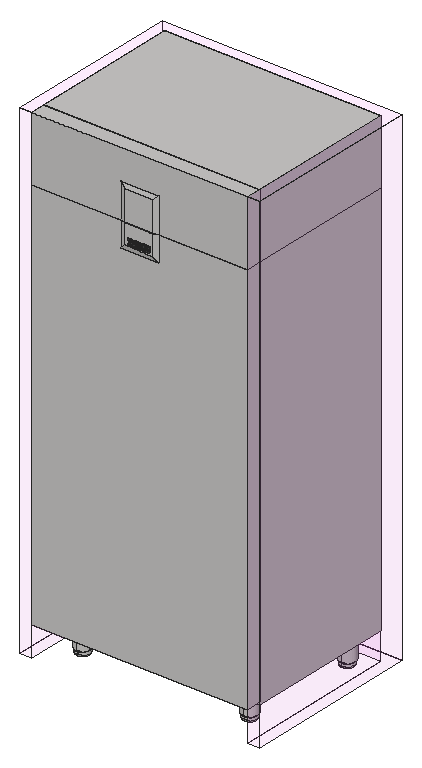
Revit family "QF_ZANUSSI_110902_ZICF61FHC", category Specialty Equipment, Revit 2018
Family settings
  Round Connector Dimension = Use Diameter
  Part Type = Normal
  Work Plane-Based = No
  Always vertical = Yes
  Cut with Voids When Loaded = No
  Shared = No
  Room Calculation Point = No
Parameters
  Weight = 26.747 lbm
  Watts = 227.612 W
  Volts = 380 V
  URL Manufacturer = "http://professional.electrolux.com/"
  URL = "http://professional.electrolux.com/"
  Steam Supply Size = 0"
  Steam Supply Minimum Pressure = 0.00 psi
  Steam Supply Maximum Pressure = 0.00 psi
  Steam Pounds per Hour = 0
  Show Clearance [instance] = yes
  Refrigeration Suction Line Size = 0"
  Refrigeration Liquid Line Size = 0"
  Refrigerant Compressor Remote = yes
  Phase = 0
  Model = "RBC201"
  Manufacturer = "Electrolux"
  Length Actual = 900 mm  # constant formula
  Item Number = "726624"
  Hot Water Size = 0"
  Height Actual = 2040 mm  # constant formula
  HP = "3,3 HP"
  Gas Size = 0"
  Gas KW = 0
  Gas Input Pressure = 0.0 Btu/h
  Description = "BLAST CHILLER 56 KG 20 GN1/1"
  Depth Actual = 700 mm  # constant formula
  Cycle = 50 Hz
  Condensate Return Size = 0"
  Compressed Air Volume = 0 GPM
  Compressed Air Size = 0"
  Compressed Air Pressure = 0.00 psi
  Cold Water Size = 0"
  Accessory = yes
Types (2, lengths in mm): name | Watts | Volts | URL Manufacturer | URL | Phase | Model | Manufacturer | Item Number | HP | Description
  (no name) | 227.612 W | 380 V | "http://professional.electrolux.com/" | "http://professional.electrolux.com/" | 0 | "RBC201" | "Electrolux" | "726624" | "3,3 HP" | "BLAST CHILLER 56 KG 20 GN1/1"
  Standard | 41.8064 W | 220 V | "http://www.zanussiprofessional.com" | "http://www.zanussiprofessional.com" | 1 | "ZICF61FHC" | "Zanussi" | "110902" | "0.6 HP" | "1-DOOR ICE CREAM PRESERVER 720L -28/-12°"
Reference planes
  plane 1 "BACK": y = 0
  plane 2: z = 0
  plane 3 "LEFT": x = 0
  plane 4 "RIGHT": x = 900
  plane 5 "FRONT": y = -700
  plane 6 "TOP": z = 2040
  plane 7 "Center Y": x = 450
  plane 8 "Center X": y = -350
  plane 9: x = 102
  plane 10: x = 798
  plane 11: z = 115
  plane 12: z = 86
  plane 13: y = -80
  plane 14: y = -694
  plane 15: y = -1527
  plane 16: y = -630
  plane 17: z = 1770
  plane 18: x = -50
  plane 19: y = 50
  plane 20: x = 950
Forms (mm)
  Extrusion 1, solid, material "QF_Metal - Stainless - Polished"
    sketch origin (0, 0, 0) x (1, 0, 0) y (0, 0, 1)
      loop
        line (0, 2040) -> (0, 1770) -> (900, 1770) -> (900, 2040) -> (0, 2040)
    from 0 to 630
  Extrusion 2, solid, material "QF_Metal - Stainless - Polished"
    sketch origin (0, 0, 0) x (1, 0, 0) y (0, 0, 1)
      loop
        line (0, 1770) -> (0, 115) -> (900, 115) -> (900, 1770) -> (0, 1770)
    from 0 to 630
  Extrusion 3, solid, material "QF_Metal - Stainless - Polished"
    sketch origin (-370, 0, -128) x (1, 0, 0) y (0, 0, 1)
      loop
        circle (450, 1847.083) r 20
    from -7.507 to 0
  Extrusion 4, solid, material "QF_Door-Drawer Clearances", visible <- "Show Clearance", detail levels coarse
    sketch origin (0, 0, 0) x (1, 0, 0) y (0, 1, 0)
      loop
        line (900, -694) -> (0, -694)
        arc (0, -694) -> (275.209, -1299.35) -> (900, -1527) r 859.201
        line (900, -1527) -> (900, -694)
    from 127.536 to 1770
  Extrusion 5, solid, material "QF_Metal - Stainless - Polished"
    sketch origin (0, 130.478, 0) x (1, 0, 0) y (0, 0, 1)
      loop
        line (0, 2040) -> (0, 1770) -> (900, 1770) -> (900, 2040) -> (0, 2040)
    from 760.478 to 824.478
  Extrusion 6, solid, material "QF_Metal - Stainless - Polished"
    sketch origin (0, 140, 0) x (1, 0, 0) y (0, 0, 1)
      loop
        line (0, 1770) -> (0, 127.536) -> (900, 127.536) -> (900, 1770) -> (0, 1770)
    from 834 to 770
  Revolve 7, solid, material "QF_Metal - Stainless - Polished"
    sketch origin (798, -2.833, 0) x (0, 1, 0) y (0, 0, -1)
      loop
        line (-590.954, -115) -> (-553.167, -115) -> (-553.167, 0) -> (-578.757, 0)
        arc (-578.757, 0) -> (-580.973, -2.655) -> (-581.767, -6.021) r 7.527
        line (-581.767, -6.021) -> (-581.767, -17.561) -> (-585.28, -21.074) -> (-585.28, -110.008) -> (-590.954, -110.008) -> (-590.954, -115)
      axis (-553.167, 0) -> (-553.167, -115)
    angle from 0 to 360
  Revolve 8, solid, material "QF_Metal - Stainless - Polished"
    sketch origin (102, -2.833, 0) x (0, 1, 0) y (0, 0, 1)
      loop
        line (-590.954, 115) -> (-590.954, 110.008) -> (-585.28, 110.008) -> (-585.28, 21.074) -> (-581.767, 17.561) -> (-581.767, 6.021)
        arc (-581.767, 6.021) -> (-580.973, 2.655) -> (-578.757, 0) r 7.527
        line (-578.757, 0) -> (-553.167, 0) -> (-553.167, 115) -> (-590.954, 115)
      axis (-553.167, 0) -> (-553.167, 115)
    angle from 0 to 360
  Revolve 9, solid, material "QF_Metal - Stainless - Polished"
    sketch origin (824, -759.167, 0) x (0, -1, 0) y (0, 0, 1)
      loop
        line (-716.954, 115) -> (-716.954, 110.008) -> (-711.28, 110.008) -> (-711.28, 21.074) -> (-707.767, 17.561) -> (-707.767, 6.021)
        arc (-707.767, 6.021) -> (-706.973, 2.655) -> (-704.757, 0) r 7.527
        line (-704.757, 0) -> (-679.167, 0) -> (-679.167, 115) -> (-716.954, 115)
      axis (-679.167, 0) -> (-679.167, 115)
    angle from 0 to 360
  Revolve 10, solid, material "QF_Metal - Stainless - Polished"
    sketch origin (76, -759.167, 0) x (0, -1, 0) y (0, 0, 1)
      loop
        line (-716.954, 115) -> (-716.954, 110.008) -> (-711.28, 110.008) -> (-711.28, 21.074) -> (-707.767, 17.561) -> (-707.767, 6.021)
        arc (-707.767, 6.021) -> (-706.973, 2.655) -> (-704.757, 0) r 7.527
        line (-704.757, 0) -> (-679.167, 0) -> (-679.167, 115) -> (-716.954, 115)
      axis (-679.167, 0) -> (-679.167, 115)
    angle from 0 to 360
  Blend 11, solid, material "QF_Metal - Stainless - Polished"
    base sketch origin (0, -694, 0) x (1, 0, 0) y (0, 0, 1)
      loop
        line (370, 1914.822) -> (370, 1664.822) -> (530, 1664.822) -> (530, 1914.822) -> (370, 1914.822)
    top sketch origin (0, -694, 0) x (1, 0, 0) y (0, 0, 1)
      loop
        line (510, 1894.822) -> (390, 1894.822) -> (390, 1684.822) -> (510, 1684.822) -> (510, 1894.822)
    from 0 to 6
  Extrusion 12, void
    sketch origin (0, -700, 0) x (-1, 0, 0) y (0, 0, 1)
      loop
        line (-370, 1770.997) -> (-530, 1770.997) -> (-530, 1769.003) -> (-370, 1769.003) -> (-370, 1770.997)
    from 0 to 6
  Extrusion 13, solid, material "QF_Door-Drawer Clearances"
    sketch origin (0, 0, 0) x (1, 0, 0) y (0, 1, 0)
      loop
        line (0, -694) -> (0, 0) -> (900, 0) -> (900, -694) -> (950, -694) -> (950, 50) -> (-50, 50) -> (-50, -694) -> (0, -694)
    from 0 to 2040
Cuts and joins
  Extrusion 12 cuts Extrusion 1
  Extrusion 12 cuts Extrusion 2
  Extrusion 12 cuts Extrusion 5
  Extrusion 12 cuts Extrusion 6
  Extrusion 12 cuts Blend 11
Lines and regions (mm)
  Split face 1
    outline origin (0, -700, 0) x (1, 0, 0) y (0, 0, 1)
      loop
        line (415, 1894.822) -> (415, 1742.499) -> (485, 1742.499) -> (485, 1894.822)
  symbolic lines
    curve 1: line (0, 0, 0) -> (900, 0, 0)
    curve 2: line (0, -694, 0) -> (0, 0, 0)
    curve 3: line (900, -694, 0) -> (0, -694, 0)
    curve 4: line (900, 0, 0) -> (900, -694, 0)
    curve 5: line (0, -630, 0) -> (900, -630, 0)
    curve 6: line (370, -694, 0) -> (390, -700, 0)
    curve 7: line (390, -700, 0) -> (510, -700, 0)
    curve 8: line (510, -700, 0) -> (530, -694, 0)
  symbolic lines, style "QF_Door-Drawer Clearances"
    curve 9: arc (0, -694, 0) -> (275.209, -1299.35, 0) -> (900, -1527, 0) r 859.201
    curve 10: line (900, -1527, 0) -> (900, -694, 0)
    curve 11: line (0, -694, 0) -> (-50, -694, 0)
    curve 12: line (-50, -694, 0) -> (-50, 50, 0)
    curve 13: line (-50, 50, 0) -> (950, 50, 0)
    curve 14: line (950, 50, 0) -> (950, -694, 0)
    curve 15: line (950, -694, 0) -> (900, -694, 0)
Dimensions and locks
  equal spacing: plane 3 "LEFT", plane 7 "Center Y", plane 4 "RIGHT"
  plane 3 "LEFT" to plane 4 "RIGHT" = 900 mm
  equal spacing: plane 5 "FRONT", plane 8 "Center X", plane 1 "BACK"
  plane 5 "FRONT" to plane 1 "BACK" = 700 mm
  plane 6 "TOP" to level = 2040 mm
  plane 9 to plane 3 "LEFT" = 102 mm
  plane 10 to plane 4 "RIGHT" = 102 mm
  plane 10 to plane 9 = 696 mm
  plane 11 to level = 115 mm
  plane 12 to plane 11 = 29 mm
  plane 1 "BACK" to plane 13 = 80 mm
  plane 15 to plane 1 "BACK" = 1527 mm
  plane 3 "LEFT" to Extrusion 4 = 900 mm
  plane 11 to plane 2 = 115 mm
  plane 1 "BACK" to plane 16 = 630 mm
  plane 18 to plane 3 "LEFT" = 50 mm
  plane 4 "RIGHT" to plane 20 = 50 mm
  plane 1 "BACK" to plane 19 = 50 mm
  aligned and locked: level to plane 2
  aligned and locked: Extrusion 5 to plane 4 "RIGHT"
  aligned and locked: Extrusion 5 to plane 3 "LEFT"
  aligned and locked: plane 5 "FRONT" to Blend 11
Automatic sketch dimensions
  Extrusion 1 sketch curve to plane 3 "LEFT" = 0 mm
  plane 4 "RIGHT" to Extrusion 1 sketch curve = 0 mm
  Extrusion 1 sketch curve to plane 17 = 0 mm
  Extrusion 1 sketch curve to plane 6 "TOP" = 0 mm
  Extrusion 2 sketch curve to plane 3 "LEFT" = 0 mm
  plane 4 "RIGHT" to Extrusion 2 sketch curve = 0 mm
  Extrusion 2 sketch curve to plane 11 = 0 mm
  Extrusion 2 sketch curve to plane 17 = 0 mm
  Extrusion 3 sketch curve to plane 9 = 22 mm
  Extrusion 3 sketch curve to plane 17 = 50.917 mm
  Extrusion 4 sketch curve to plane 3 "LEFT" = 0 mm
  Extrusion 4 sketch curve to plane 4 "RIGHT" = 0 mm
  Extrusion 4 sketch curve to plane 15 = 0 mm
  plane 14 to Extrusion 4 sketch curve = 0 mm
  Extrusion 4 sketch curve to plane 14 = 25.214 mm
  Extrusion 5 sketch curve to plane 3 "LEFT" = 0 mm
  plane 4 "RIGHT" to Extrusion 5 sketch curve = 0 mm
  Extrusion 5 sketch curve to plane 17 = 0 mm
  Extrusion 5 sketch curve to plane 6 "TOP" = 0 mm
  Extrusion 6 sketch curve to plane 3 "LEFT" = 0 mm
  plane 4 "RIGHT" to Extrusion 6 sketch curve = 0 mm
  Extrusion 6 sketch curve to plane 17 = 0 mm
  plane 11 to Extrusion 6 sketch curve = 12.536 mm
  plane 11 to Revolve 7 sketch curve = 0 mm
  Revolve 7 sketch curve to level = 0 mm
  plane 16 to Revolve 7 sketch curve = 36.213 mm
  Revolve 7 sketch curve to Revolve 7 sketch curve = 5.674 mm
  Revolve 7 sketch curve to Revolve 7 sketch curve = 3.513 mm  (x2)
  Revolve 7 sketch curve to Revolve 7 sketch curve = 3.01 mm
  level to Revolve 7 sketch curve = 6.021 mm
  Revolve 7 sketch curve to Revolve 7 sketch curve = 21.073 mm
  Revolve 7 sketch curve to plane 11 = 4.992 mm  (x2)
  Revolve 7 sketch curve to Revolve 7 sketch curve = 15.053 mm
  Revolve 7 sketch curve to Revolve 7 sketch curve = 0 mm
  Revolve 7 sketch curve to Revolve 7 sketch curve = 20.008 mm
  Revolve 8 sketch curve to plane 11 = 0 mm
  Revolve 8 sketch curve to level = 0 mm
  plane 16 to Revolve 8 sketch curve = 36.213 mm
  Revolve 8 sketch curve to Revolve 8 sketch curve = 5.674 mm
  Revolve 8 sketch curve to Revolve 8 sketch curve = 3.513 mm  (x2)
  Revolve 8 sketch curve to Revolve 8 sketch curve = 3.01 mm
  level to Revolve 8 sketch curve = 6.021 mm
  Revolve 8 sketch curve to Revolve 8 sketch curve = 21.073 mm
  Revolve 8 sketch curve to Revolve 8 sketch curve = 11.54 mm
  Revolve 8 sketch curve to plane 11 = 4.992 mm
  Revolve 8 sketch curve to Revolve 8 sketch curve = 0 mm
  Revolve 8 sketch curve to Revolve 8 sketch curve = 4.992 mm
  plane 11 to Revolve 8 sketch curve = 20.008 mm
  Revolve 9 sketch curve to plane 11 = 0 mm
  Revolve 9 sketch curve to level = 0 mm
  Revolve 9 sketch curve to plane 13 = 0 mm  (x2)
  level to Revolve 9 sketch curve = 6.021 mm
  Revolve 9 sketch curve to plane 13 = 21.073 mm
  Revolve 9 sketch curve to Revolve 9 sketch curve = 4.517 mm
  Revolve 9 sketch curve to Revolve 9 sketch curve = 3.513 mm  (x2)
  Revolve 9 sketch curve to Revolve 9 sketch curve = 5.674 mm
  Revolve 9 sketch curve to Revolve 9 sketch curve = 11.54 mm
  Revolve 9 sketch curve to plane 11 = 4.992 mm
  Revolve 9 sketch curve to Revolve 9 sketch curve = 4.992 mm
  plane 11 to Revolve 9 sketch curve = 20.008 mm
  Revolve 10 sketch curve to plane 11 = 0 mm
  Revolve 10 sketch curve to level = 0 mm
  Revolve 10 sketch curve to plane 13 = 0 mm  (x2)
  Revolve 10 sketch curve to level = 6.021 mm
  plane 13 to Revolve 10 sketch curve = 21.073 mm
  Revolve 10 sketch curve to Revolve 10 sketch curve = 4.517 mm
  Revolve 10 sketch curve to Revolve 10 sketch curve = 3.513 mm  (x2)
  Revolve 10 sketch curve to Revolve 10 sketch curve = 5.674 mm
  Revolve 10 sketch curve to Revolve 10 sketch curve = 11.54 mm
  plane 11 to Revolve 10 sketch curve = 4.992 mm  (x2)
  Revolve 10 sketch curve to Revolve 10 sketch curve = 20.008 mm
  Blend 11 sketch curve to Extrusion 6 = 105.178 mm
  Blend 11 sketch curve to Extrusion 6 = 370 mm
  Blend 11 sketch curve to Blend 11 sketch curve = 160 mm
  Extrusion 6 to Blend 11 sketch curve = 144.822 mm
  Extrusion 6 to Blend 11 sketch curve = 124.822 mm
  Blend 11 sketch curve to Extrusion 6 = 390 mm
  Blend 11 sketch curve to Blend 11 sketch curve = 120 mm
  Blend 11 sketch curve to Extrusion 6 = 85.178 mm
  Split face 1 sketch curve to Blend 11 = 0 mm  (x2)
  Split face 1 sketch curve to Blend 11 = 25 mm  (x2)
  Split face 1 sketch curve to Blend 11 = 57.677 mm
  Extrusion 12 sketch curve to Blend 11 = 20 mm  (x2)
  Blend 11 to Extrusion 12 sketch curve = 84.181 mm
  Extrusion 12 sketch curve to Extrusion 12 sketch curve = 1.995 mm
  Extrusion 13 sketch curve to plane 18 = 0 mm
  plane 1 "BACK" to Extrusion 13 sketch curve = 0 mm
  Extrusion 13 sketch curve to plane 3 "LEFT" = 0 mm
  Extrusion 13 sketch curve to plane 4 "RIGHT" = 0 mm
  Extrusion 13 sketch curve to plane 19 = 0 mm
  Extrusion 13 sketch curve to plane 20 = 0 mm
  plane 14 to Extrusion 13 sketch curve = 0 mm  (x2)
  curve 13 to plane 18 = 0 mm
  curve 3 to plane 3 "LEFT" = 0 mm
  plane 5 "FRONT" to curve 7 = 0 mm
  curve 9 to plane 4 "RIGHT" = 0 mm
  curve 15 to plane 4 "RIGHT" = 0 mm
  plane 14 to curve 14 = 0 mm
  curve 14 to plane 20 = 0 mm
  curve 10 to plane 15 = 0 mm
  curve 5 to plane 16 = 0 mm
  plane 1 "BACK" to curve 4 = 0 mm
  curve 13 to plane 19 = 0 mm
  curve 7 to plane 7 "Center Y" = 60 mm
  plane 7 "Center Y" to curve 8 = 60 mm
  curve 9 to plane 14 = 25.214 mm
  curve 6 to curve 6 = 20 mm
  curve 7 to curve 8 = 20 mm
  radius of Extrusion 3 sketch curve = 20 mm
Nested families
  nested 1: "ZAN_Logo_S" at (450.625, -700, 1704.375) x (1, 0, 0) z (0, -1, 0), type "ZAN_Logo_S"
Connectors
  electrical at (80, 7.507, 1719.083), driven by "Volts"
    settings: on Extrusion 3, index 2, voltage 380 V, apparent load 0 VA, apparent load phase1 0 VA, apparent load phase2 0 VA, apparent load phase3 0 VA, power factor 1, load classification "Other", number of poles 1, system type 30, power factor state 1, is connector primary yes, connector utility no, sub classification motor no, connector description "Electrical Connection"
Definition of nested family "ZAN_Logo_S"
  Parameters (values of type "ZAN_Logo_S")
    Default Elevation = 0 mm
  Reference planes
    plane 1 "Centro (Fronte/Retro)": y = 0
    plane 2: z = 0
    plane 3 "Centro (Sinistra/Destra)": x = 0
    plane 4: x = 60.13
  Forms (mm)
    Extrusion 1, solid
      sketch origin (0, 0, 0) x (1, 0, 0) y (0, 1, 0)
        loop
          line (-1219.2, 1219.2) -> (-1219.2, -1219.2) -> (1219.2, -1219.2) -> (1219.2, 1219.2) -> (-1219.2, 1219.2)
      from 0 to -304.8
    Extrusion 2, solid
      sketch origin (17.793, -46.218, 0) x (-1, 0, 0) y (0, -1, 0)
        loop
          spline (-4.176, -58.079) -> (-3.496, -58.328) -> (-2.793, -58.512) -> (-2.075, -58.63) -> (-1.348, -58.682) -> (-0.619, -58.669) -> (0.106, -58.588) -> (0.818, -58.44) -> (1.512, -58.225) -> (2.18, -57.941) -> (2.817, -57.589) -> (3.414, -57.167) -> (3.966, -56.676)
          spline (3.966, -56.676) -> (4.293, -56.162) -> (4.575, -55.61) -> (4.81, -55.026) -> (5, -54.419) -> (5.146, -53.797) -> (5.247, -53.166) -> (5.304, -52.536) -> (5.318, -51.913) -> (5.288, -51.306) -> (5.217, -50.723) -> (5.103, -50.17) -> (4.949, -49.657)
          line (4.949, -49.657) -> (2.702, -46.428) -> (0.316, -44.323)
          spline (0.316, -44.323) -> (0.065, -44.115) -> (-0.195, -43.909) -> (-0.46, -43.704) -> (-0.729, -43.496) -> (-0.997, -43.282) -> (-1.263, -43.059) -> (-1.523, -42.825) -> (-1.774, -42.576) -> (-2.013, -42.309) -> (-2.238, -42.022) -> (-2.445, -41.712) -> (-2.632, -41.375)
          spline (-2.632, -41.375) -> (-2.666, -41.159) -> (-2.697, -40.934) -> (-2.722, -40.701) -> (-2.736, -40.465) -> (-2.736, -40.227) -> (-2.72, -39.989) -> (-2.682, -39.754) -> (-2.621, -39.524) -> (-2.533, -39.302) -> (-2.414, -39.091) -> (-2.261, -38.892) -> (-2.07, -38.708)
          line (-2.07, -38.708) -> (-0.245, -38.567)
          spline (-0.245, -38.567) -> (0.096, -38.8) -> (0.354, -39.074) -> (0.54, -39.381) -> (0.664, -39.716) -> (0.738, -40.073) -> (0.772, -40.445) -> (0.777, -40.825) -> (0.763, -41.208) -> (0.742, -41.588) -> (0.723, -41.957) -> (0.718, -42.309) -> (0.737, -42.638)
          line (0.737, -42.638) -> (5.65, -42.638)
          spline (5.65, -42.638) -> (5.708, -42.042) -> (5.741, -41.448) -> (5.747, -40.857) -> (5.723, -40.273) -> (5.668, -39.696) -> (5.58, -39.129) -> (5.457, -38.574) -> (5.297, -38.032) -> (5.098, -37.506) -> (4.857, -36.997) -> (4.574, -36.508) -> (4.247, -36.041)
          spline (4.247, -36.041) -> (3.844, -35.675) -> (3.409, -35.35) -> (2.946, -35.065) -> (2.458, -34.819) -> (1.949, -34.612) -> (1.421, -34.444) -> (0.88, -34.314) -> (0.326, -34.221) -> (-0.234, -34.165) -> (-0.8, -34.146) -> (-1.366, -34.163) -> (-1.93, -34.216)
          spline (-1.93, -34.216) -> (-2.526, -34.309) -> (-3.116, -34.448) -> (-3.695, -34.633) -> (-4.259, -34.861) -> (-4.801, -35.131) -> (-5.316, -35.444) -> (-5.799, -35.798) -> (-6.245, -36.191) -> (-6.648, -36.624) -> (-7.002, -37.095) -> (-7.303, -37.603) -> (-7.545, -38.146)
          spline (-7.545, -38.146) -> (-7.694, -38.815) -> (-7.792, -39.487) -> (-7.839, -40.158) -> (-7.836, -40.824) -> (-7.785, -41.482) -> (-7.685, -42.129) -> (-7.539, -42.762) -> (-7.347, -43.377) -> (-7.111, -43.97) -> (-6.83, -44.538) -> (-6.506, -45.078) -> (-6.141, -45.586)
          line (-6.141, -45.586) -> (-0.526, -50.64) -> (0.176, -51.482)
          spline (0.176, -51.482) -> (0.248, -51.66) -> (0.323, -51.843) -> (0.397, -52.03) -> (0.467, -52.22) -> (0.529, -52.412) -> (0.579, -52.605) -> (0.615, -52.798) -> (0.633, -52.989) -> (0.63, -53.179) -> (0.601, -53.366) -> (0.545, -53.55) -> (0.456, -53.728)
          spline (0.456, -53.728) -> (0.375, -53.892) -> (0.273, -54.034) -> (0.154, -54.155) -> (0.02, -54.258) -> (-0.126, -54.343) -> (-0.28, -54.412) -> (-0.441, -54.466) -> (-0.604, -54.508) -> (-0.767, -54.537) -> (-0.928, -54.556) -> (-1.082, -54.567) -> (-1.228, -54.57)
          line (-1.228, -54.57) -> (-2.632, -53.587) -> (-2.772, -50.64) -> (-7.405, -50.64)
          spline (-7.405, -50.64) -> (-7.41, -51.031) -> (-7.423, -51.432) -> (-7.44, -51.839) -> (-7.456, -52.251) -> (-7.469, -52.665) -> (-7.475, -53.079) -> (-7.468, -53.489) -> (-7.446, -53.894) -> (-7.404, -54.291) -> (-7.339, -54.679) -> (-7.247, -55.053) -> (-7.123, -55.412)
          spline (-7.123, -55.412) -> (-6.999, -55.693) -> (-6.837, -55.97) -> (-6.643, -56.244) -> (-6.422, -56.509) -> (-6.177, -56.765) -> (-5.913, -57.009) -> (-5.634, -57.238) -> (-5.346, -57.45) -> (-5.051, -57.643) -> (-4.755, -57.814) -> (-4.462, -57.96) -> (-4.176, -58.079)
        loop
          spline (-21.021, -55.552) -> (-20.633, -56.181) -> (-20.177, -56.736) -> (-19.661, -57.217) -> (-19.092, -57.627) -> (-18.478, -57.966) -> (-17.827, -58.237) -> (-17.147, -58.441) -> (-16.446, -58.578) -> (-15.73, -58.652) -> (-15.009, -58.662) -> (-14.29, -58.611) -> (-13.581, -58.5)
          spline (-13.581, -58.5) -> (-13.088, -58.407) -> (-12.595, -58.269) -> (-12.109, -58.088) -> (-11.636, -57.866) -> (-11.183, -57.605) -> (-10.756, -57.307) -> (-10.361, -56.974) -> (-10.004, -56.608) -> (-9.692, -56.211) -> (-9.431, -55.784) -> (-9.228, -55.33) -> (-9.089, -54.851)
          spline (-9.089, -54.851) -> (-8.873, -54.211) -> (-8.715, -53.559) -> (-8.615, -52.901) -> (-8.574, -52.241) -> (-8.592, -51.585) -> (-8.668, -50.938) -> (-8.802, -50.306) -> (-8.995, -49.693) -> (-9.247, -49.106) -> (-9.557, -48.55) -> (-9.925, -48.03) -> (-10.352, -47.551)
          line (-10.352, -47.551) -> (-15.546, -42.919) -> (-16.669, -41.234)
          spline (-16.669, -41.234) -> (-16.704, -41.021) -> (-16.735, -40.804) -> (-16.761, -40.583) -> (-16.778, -40.361) -> (-16.784, -40.139) -> (-16.774, -39.919) -> (-16.748, -39.701) -> (-16.7, -39.488) -> (-16.63, -39.28) -> (-16.533, -39.08) -> (-16.406, -38.889) -> (-16.248, -38.708)
          line (-16.248, -38.708) -> (-14.844, -38.427)
          spline (-14.844, -38.427) -> (-14.347, -38.545) -> (-13.969, -38.749) -> (-13.695, -39.028) -> (-13.508, -39.368) -> (-13.393, -39.757) -> (-13.335, -40.182) -> (-13.318, -40.63) -> (-13.326, -41.089) -> (-13.344, -41.546) -> (-13.356, -41.988) -> (-13.347, -42.403) -> (-13.3, -42.779)
          line (-13.3, -42.779) -> (-8.387, -42.638)
          spline (-8.387, -42.638) -> (-8.326, -42.034) -> (-8.288, -41.417) -> (-8.277, -40.794) -> (-8.299, -40.169) -> (-8.357, -39.548) -> (-8.457, -38.936) -> (-8.604, -38.339) -> (-8.803, -37.762) -> (-9.058, -37.21) -> (-9.375, -36.689) -> (-9.758, -36.204) -> (-10.212, -35.76)
          spline (-10.212, -35.76) -> (-10.793, -35.336) -> (-11.409, -34.976) -> (-12.054, -34.679) -> (-12.723, -34.445) -> (-13.409, -34.273) -> (-14.107, -34.163) -> (-14.811, -34.115) -> (-15.515, -34.127) -> (-16.213, -34.2) -> (-16.899, -34.333) -> (-17.568, -34.526) -> (-18.213, -34.777)
          spline (-18.213, -34.777) -> (-18.496, -34.897) -> (-18.783, -35.044) -> (-19.071, -35.216) -> (-19.357, -35.412) -> (-19.639, -35.629) -> (-19.915, -35.865) -> (-20.182, -36.119) -> (-20.438, -36.389) -> (-20.681, -36.672) -> (-20.907, -36.967) -> (-21.115, -37.272) -> (-21.301, -37.585)
          spline (-21.301, -37.585) -> (-21.55, -38.26) -> (-21.734, -38.948) -> (-21.854, -39.647) -> (-21.91, -40.351) -> (-21.901, -41.057) -> (-21.828, -41.761) -> (-21.69, -42.459) -> (-21.489, -43.148) -> (-21.222, -43.823) -> (-20.892, -44.48) -> (-20.497, -45.116) -> (-20.038, -45.726)
          line (-20.038, -45.726) -> (-14.142, -51.061) -> (-13.44, -52.886) -> (-14.002, -54.289) -> (-15.265, -54.57) -> (-16.669, -53.587) -> (-16.81, -50.78) -> (-21.582, -50.64)
          spline (-21.582, -50.64) -> (-21.558, -51.063) -> (-21.55, -51.491) -> (-21.554, -51.92) -> (-21.561, -52.35) -> (-21.567, -52.778) -> (-21.565, -53.201) -> (-21.547, -53.619) -> (-21.509, -54.029) -> (-21.444, -54.43) -> (-21.345, -54.818) -> (-21.206, -55.193) -> (-21.021, -55.552)
        loop
          line (-22.424, -34.216) -> (-27.337, -34.216) -> (-27.337, -58.22) -> (-22.424, -58.22) -> (-22.424, -34.216)
        loop
          line (14.213, -39.971) -> (14.213, -58.22) -> (19.126, -58.22) -> (19.126, -42.077) -> (18.845, -38.146) -> (18.424, -37.164) -> (17.442, -35.9) -> (16.459, -35.199) -> (14.494, -34.356) -> (13.511, -34.216) -> (11.265, -34.216) -> (10.142, -34.497) -> (8.458, -35.479) -> (6.493, -38.287) -> (6.352, -39.269) -> (6.352, -58.22) -> (11.265, -58.22) -> (11.265, -40.392) -> (11.827, -39.129) -> (13.371, -38.988) -> (14.213, -39.971)
        loop
          line (20.249, -58.22) -> (24.741, -58.22) -> (24.741, -42.919) -> (28.812, -58.22) -> (34.006, -58.22) -> (34.006, -34.216) -> (29.654, -34.216) -> (29.654, -50.078) -> (25.583, -34.216) -> (20.249, -34.216) -> (20.249, -58.22)
        loop
          line (50.149, -58.22) -> (62.361, -58.22) -> (62.361, -53.728) -> (55.904, -53.868) -> (62.923, -39.129) -> (62.923, -34.216) -> (50.149, -34.216) -> (50.149, -39.129) -> (57.517, -39.129) -> (50.149, -54.149) -> (50.149, -58.22)
        loop
          line (38.778, -58.22) -> (45.516, -58.22) -> (49.868, -34.216) -> (44.814, -34.216) -> (44.113, -38.848) -> (40.042, -38.848) -> (39.34, -34.216) -> (34.286, -34.216) -> (38.778, -58.22)
        loop
          line (43.551, -43.2) -> (40.744, -43.2) -> (42.147, -54.117) -> (43.551, -43.2)
      from 0 to 1.644
  Dimensions and locks
    aligned and locked: plane 2 to Extrusion 1
    aligned and locked: level to Extrusion 1
